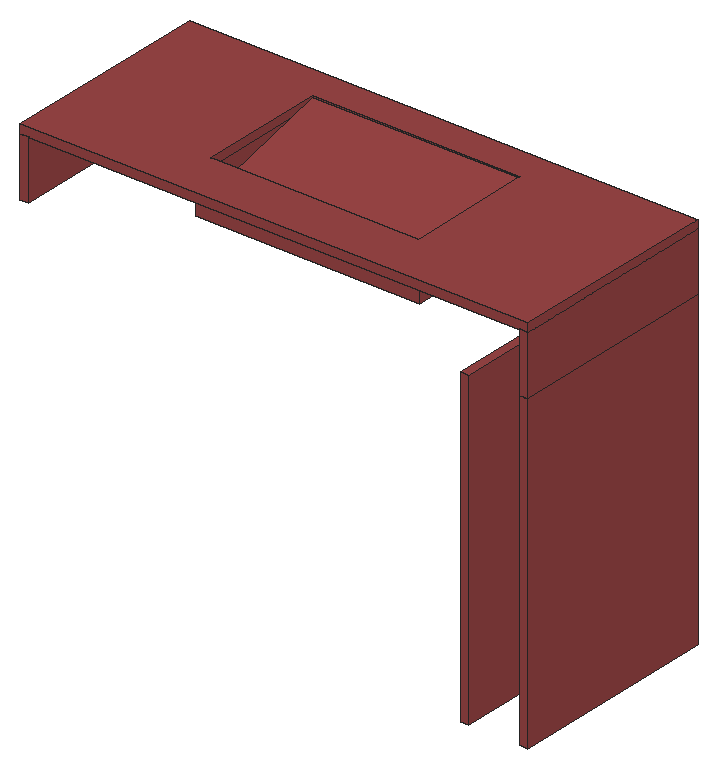
Revit family "Sanitary_Basins_Cosentino_Balance", category Plumbing Fixtures, host Wall, Revit 2020
Family settings
  Host = Wall
  Round Connector Dimension = Use Diameter
  Part Type = Normal
  Always vertical = Yes
  Cut with Voids When Loaded = No
  Shared = No
  Room Calculation Point = No
Parameters (values of type "Balance")
  Ι_Wdth Cntrl [instance] = if(Width < 500 mm, 500 mm, if(Width > 600 mm, 600 mm, Width))  # 500 mm
  Ι_Vd_Dstnc [instance] = if(Tap Hole, 20 mm, 40 mm)  # 40 mm
  Ι_Lngth Cntrl [instance] = if(Length < 1200 mm, 1200 mm, if(Length > 3000 mm, 3000 mm, Length))  # 1200 mm
  Ι_Ffst 2 [instance] = if(Front Offset < 50 mm, 50 mm, 80 mm)  # 80 mm
  Ι_Ffst [instance] = if((Side Offset < 120 mm), 120 mm, if(and((Side Offset > 2410 mm), (Ι_Lngth Cntrl - Side Offset) > (490 mm + 120 mm)), 2410 mm, if(and((Side Offset > 2410 mm), Side Offset > (Ι_Lngth Cntrl - 490 mm - 120 mm)), Ι_Lngth Cntrl - 490 mm - 120 mm, if(and((Ι_Lngth Cntrl - 120 mm - 490 mm) > 2410 mm, Side Offset > 2410 mm), 2410 mm, if(and((Ι_Lngth Cntrl - 2410 mm - 490 mm) > 120 mm, Side Offset > 120 mm), 120 mm, if((Ι_Lngth Cntrl - Side Offset) < (490 mm + 2 mm * 120), 120 mm, Side Offset))))))  # 355 mm
  Width [instance] = 500 mm
  Vent Connection = no
  URL = "www.cosentino.com"
  Tap Hole [instance] = no
  Side Offset [instance] = 355 mm
  Right Leg [instance] = no
  Product data url = "https://www.bimobject.com/cosentino/product/cosentino-balance"
  Product Material = Natural Stone - Cosentino - Silestone - Desert Silver - Suede N-Boost
  Product Guid = "68acc6d9-15cc-48be-a4c1-ee8dfe54102f"
  Model = "Balance"
  Manufacturer = "Cosentino"
  Length [instance] = 1200 mm
  Left Leg [instance] = yes
  Keynote = "10800"
  Height [instance] = 160 mm  # constant formula
  HW Connection = no
  Front Offset [instance] = 80 mm
  Edition number = 1
  Description = "The basin is one of the stars of your bathroom. Cosentino offers unique designs which fit smoothly into your room, your style, and the needs of your family.\r\n\r\nWhether it’s for a master bathroom or a downstairs WC, we have the perfect product to transform your bathroom into a warm, welcoming space."
  Default Elevation = 0 mm
  CW Connection = no
  Assembly Code = "D2010400"
Reference planes
  plane 1 "Wall": y = 0
  plane 2 "Center (Left/Right)": x = 125
  plane 3 "Back": y = 75
  plane 4: x = -475
  plane 5: x = 725
  plane 6 "Front": y = 575
  plane 7: x = -455
  plane 8: x = 705
  plane 9 "Top": z = 900
  plane 10: x = -120
  plane 11: x = 125
  plane 12: x = 370
  plane 13: x = -117.5
  plane 14: x = 367.5
  plane 15: y = 495
  plane 16: y = 555
  plane 17: y = 195
  plane 18: y = 345
  plane 19: z = 880
  plane 20: z = 800
  plane 21: z = 780
  plane 22 "Void": z = 860
  plane 23: z = 740
  plane 24 "Left leg": y = 1379.417
  plane 25 "Right leg": y = 1520
Forms (mm)
  Extrusion 1, solid, material "Natural Stone - Cosentino - Silestone - Desert Silver - Suede N-Boost" <- "Product Material", detail levels medium+fine
    sketch origin (0, 0, 900) x (1, 0, 0) y (0, 1, 0)
      loop
        line (-475, 575) -> (-475, 75) -> (725, 75) -> (725, 575) -> (-475, 575)
      loop
        line (-120, 195) -> (370, 195) -> (370, 495) -> (-120, 495) -> (-120, 195)
    from 0 to -20
  Extrusion 2, void
    sketch origin (0, 0, 900) x (1, 0, 0) y (0, 1, 0)
      loop
        circle (125, 135) r 15.875
    from -40 to -20
  Extrusion 3, solid, material "Natural Stone - Cosentino - Silestone - Desert Silver - Suede N-Boost" <- "Product Material", detail levels medium+fine
    sketch origin (0, 0, 900) x (1, 0, 0) y (0, 1, 0)
      loop
        line (-475, 575) -> (-475, 75) -> (-455, 75) -> (-455, 555) -> (705, 555) -> (705, 75) -> (725, 75) -> (725, 575) -> (-475, 575)
    from -20 to -160
  Extrusion 4, solid, not visible
    sketch origin (2359.306, 225, 780) x (1, 0, 0) y (0, 1, 0)
      loop
        circle (-2234.306, 120) r 1
    from 0 to 1
  Extrusion 5, solid, material "Natural Stone - Cosentino - Silestone - Desert Silver - Suede N-Boost" <- "Product Material", detail levels fine
    sketch origin (2359.306, 225, 780) x (1, 0, 0) y (0, 1, 0)
      loop
        line (-2499.306, -50) -> (-1969.306, -50) -> (-1969.306, 290) -> (-2499.306, 290) -> (-2499.306, -50)
    from 0 to 20
  Extrusion 6, solid, material "Natural Stone - Cosentino - Silestone - Desert Silver - Suede N-Boost" <- "Product Material", detail levels fine
    sketch origin (2359.306, 225, 780) x (1, 0, 0) y (0, 1, 0)
      loop
        line (-2499.306, 290) -> (-2499.306, -50) -> (-1969.306, -50) -> (-1969.306, 290) -> (-2499.306, 290)
      loop
        line (-1989.306, -30) -> (-1989.306, 270) -> (-2479.306, 270) -> (-2479.306, -30) -> (-1989.306, -30)
    from 20 to 100
  Revolve 7, void
    sketch origin (-920.737, 345, 1200) x (-1, 0, 0) y (0, 0, 1)
      loop
        line (-1045.737, -420) -> (-1045.737, -400) -> (-1077.237, -400) -> (-1077.237, -405) -> (-1067.237, -407) -> (-1067.237, -420) -> (-1045.737, -420)
      axis (-1045.737, -420) -> (-1045.737, -400)
    angle from 0 to 360
  Extrusion 8, solid, material "Natural Stone - Cosentino - Silestone - Desert Silver - Suede N-Boost" <- "Product Material", detail levels fine
    sketch origin (125, 0, 0) x (0, 1, 0) y (0, 0, 1)
      loop
        line (493.166, 885.861) -> (493.166, 898.2) -> (196.561, 827.171) -> (195, 824.812) -> (196.794, 815.993) -> (493.166, 885.861)
    from -242.5 to 242.5
  Extrusion 9, solid, material "Natural Stone - Cosentino - Silestone - Desert Silver - Suede N-Boost" <- "Product Material", detail levels fine
    sketch origin (125, 0, 0) x (0, 1, 0) y (0, 0, 1)
      loop
        line (453.175, 876.433) -> (453.175, 800) -> (473.185, 800) -> (473.185, 881.15) -> (453.175, 876.433)
      loop
        line (230.289, 823.889) -> (210.289, 819.174) -> (210.289, 800) -> (230.289, 800) -> (230.289, 823.889)
    from -242.5 to 242.5
  Extrusion 10, solid, material "Natural Stone - Cosentino - Silestone - Desert Silver - Suede N-Boost" <- "Product Material", detail levels coarse
    sketch origin (2359.306, 225, 780) x (1, 0, 0) y (0, 1, 0)
      loop
        line (-2834.306, 350) -> (-2834.306, -150) -> (-1634.306, -150) -> (-1634.306, 350) -> (-2834.306, 350)
    from -40 to 120
  Extrusion 11, solid, material "Natural Stone - Cosentino - Silestone - Desert Silver - Suede N-Boost" <- "Product Material", detail levels medium
    sketch origin (2359.306, 225, 780) x (1, 0, 0) y (0, 1, 0)
      loop
        line (-2499.306, 290) -> (-2499.306, -50) -> (-1969.306, -50) -> (-1969.306, 290) -> (-2499.306, 290)
    from 0 to 20
  Extrusion 12, solid, material "Natural Stone - Cosentino - Silestone - Desert Silver - Suede N-Boost" <- "Product Material", detail levels medium
    sketch origin (2359.306, 225, 800) x (1, 0, 0) y (0, 1, 0)
      loop
        line (-2499.306, 290) -> (-2499.306, -50) -> (-1969.306, -50) -> (-1969.306, 290) -> (-2499.306, 290)
      loop
        line (-1989.306, -30) -> (-1989.306, 270) -> (-2479.306, 270) -> (-2479.306, -30) -> (-1989.306, -30)
    from 0 to 80
  Extrusion 13, void
    sketch origin (2359.306, 225, 740) x (1, 0, 0) y (0, 1, 0)
      loop
        circle (-2234.306, 120) r 15.875
    from 0 to 60
  Extrusion 14, solid, material "Natural Stone - Cosentino - Silestone - Desert Silver - Suede N-Boost" <- "Product Material", visible <- "Left Leg", detail levels medium+fine
    sketch origin (2359.306, 225, 740) x (1, 0, 0) y (0, 1, 0)
      loop
        line (-1634.306, -150) -> (-1634.306, 350) -> (-1794.306, 350) -> (-1794.306, -150) -> (-1774.306, -150) -> (-1774.306, 330) -> (-1654.306, 330) -> (-1654.306, -150) -> (-1634.306, -150)
    from 0 to -740
  Extrusion 15, solid, material "Natural Stone - Cosentino - Silestone - Desert Silver - Suede N-Boost" <- "Product Material", visible <- "Right Leg", detail levels medium+fine
    sketch origin (2359.306, 225, 740) x (1, 0, 0) y (0, 1, 0)
      loop
        line (-2834.306, -150) -> (-2814.306, -150) -> (-2814.306, 330) -> (-2694.306, 330) -> (-2694.306, -150) -> (-2674.306, -150) -> (-2674.306, 350) -> (-2834.306, 350) -> (-2834.306, -150)
    from 0 to -740
  Extrusion 16, solid, material "Natural Stone - Cosentino - Silestone - Desert Silver - Suede N-Boost" <- "Product Material", visible <- "Right Leg", detail levels coarse
    sketch origin (2359.306, 225, 740) x (1, 0, 0) y (0, 1, 0)
      loop
        line (-2834.306, -150) -> (-2674.306, -150) -> (-2674.306, 350) -> (-2834.306, 350) -> (-2834.306, -150)
    from 0 to -740
  Extrusion 17, solid, material "Natural Stone - Cosentino - Silestone - Desert Silver - Suede N-Boost" <- "Product Material", visible <- "Left Leg", detail levels coarse
    sketch origin (2359.306, 225, 740) x (1, 0, 0) y (0, 1, 0)
      loop
        line (-1794.306, -150) -> (-1634.306, -150) -> (-1634.306, 350) -> (-1794.306, 350) -> (-1794.306, -150)
    from 0 to -740
Cuts and joins
  Extrusion 2 cuts Extrusion 1
  Revolve 7 cuts Extrusion 5
  Revolve 7 cuts Extrusion 6
  joined: Extrusion 5, Extrusion 6
  Extrusion 13 cuts Extrusion 10
Text (mm)
  text "Placement Side" at (-1848.837, 1116.779, 0), in view "Ref. Level"
  text "Placement side" at (0, 1409.804, 2854.306), in view "Left"
  text "Placement side" at (0, 499.811, 2980.732), in view "Right"
Dimensions and locks
  locked: plane 3 "Back" to host wall
  "Ι_Wdth Cntrl": plane 3 "Back" to plane 6 "Front"
  locked: plane 4 to plane 7 at 20
  locked: plane 8 to plane 5 at 20
  "Ι_Lngth Cntrl": plane 4 to plane 5
  equal spacing: plane 10, plane 11, plane 12
  locked: plane 10 to plane 12 at 490
  locked: plane 10 to plane 13 at 2.5
  locked: plane 14 to plane 12 at 2.5
  "Ι_Ffst 2": plane 6 "Front" to plane 15
  locked: plane 6 "Front" to plane 16 at 20
  equal spacing: plane 15, plane 18, plane 17
  locked: plane 15 to plane 17 at 300
  equal spacing: plane 3 "Back", Extrusion 2 sketch curve, plane 17
  locked: plane 19 to plane 9 "Top" at 20
  locked: plane 21 to plane 20 at 20
  locked: plane 21 to plane 9 "Top" at 120
  "Ι_Vd_Dstnc": plane 22 "Void" to plane 9 "Top"
  locked: plane 22 "Void" to Extrusion 2 at 20
  locked: plane 23 to plane 9 "Top" at 160
  "Ι_Ffst": plane 12 to plane 5
  equal spacing: plane 4, plane 2 "Center (Left/Right)", plane 5
  locked: Extrusion 5 sketch curve to plane 10 at 20
  locked: plane 12 to Extrusion 5 sketch curve at 20
  locked: Extrusion 5 sketch curve to plane 15 at 20
  locked: plane 17 to Extrusion 5 sketch curve at 20
  locked: plane 17 to Extrusion 6 sketch curve at 20
  locked: Extrusion 6 sketch curve to plane 15 at 20
  locked: Extrusion 6 sketch curve to plane 10 at 20
  locked: plane 12 to Extrusion 6 sketch curve at 20
  Revolve 7 sketch curve to Revolve 7 sketch curve to plane 11 = 10 mm locked, 21.5 mm locked
  plane 21 to Revolve 7 sketch curve to Revolve 7 sketch curve = 13 mm locked, 2 mm locked
  plane 15 to Extrusion 9 sketch curve to Extrusion 9 sketch curve = 21.815 mm locked, 20.01 mm locked
  Extrusion 9 sketch curve to Extrusion 9 sketch curve to plane 17 = 20 mm locked, 15.289 mm locked
  Extrusion 9 sketch curve to Extrusion 9 sketch curve to plane 20 = 4.717 mm locked, 76.433 mm locked
  Extrusion 9 sketch curve to Extrusion 9 sketch curve to plane 20 = 4.715 mm locked, 19.174 mm locked
  locked: Extrusion 11 sketch curve to plane 15 at 20
  locked: plane 17 to Extrusion 11 sketch curve at 20
  locked: Extrusion 11 sketch curve to plane 10 at 20
  locked: plane 12 to Extrusion 11 sketch curve at 20
  locked: plane 12 to Extrusion 12 sketch curve at 20
  locked: Extrusion 12 sketch curve to plane 10 at 20
  locked: plane 17 to Extrusion 12 sketch curve at 20
  locked: Extrusion 12 sketch curve to plane 15 at 20
  locked: Extrusion 14 sketch curve to plane 5 at 160
  locked: Extrusion 14 to plane 23 at 740
  plane 4 to Extrusion 15 sketch curve to Extrusion 15 sketch curve = 140 mm locked, 20 mm locked
  locked: Extrusion 15 to plane 23 at 740
  locked: plane 4 to Extrusion 16 sketch curve at 160
  locked: Extrusion 17 sketch curve to plane 5 at 160
  locked: Extrusion 17 to plane 23 at 740
  locked: Extrusion 16 to plane 23 at 740
  aligned and locked: plane 1 "Wall" to host wall
  aligned and locked: Extrusion 1 sketch curve to plane 3 "Back"
  aligned and locked: Extrusion 1 sketch curve to plane 6 "Front"
  aligned and locked: plane 5 to Extrusion 1 sketch curve
  aligned and locked: plane 4 to Extrusion 1 sketch curve
  aligned and locked: Extrusion 1 sketch curve to plane 17
  aligned and locked: Extrusion 1 sketch curve to plane 10
  aligned and locked: plane 15 to Extrusion 1 sketch curve
  aligned and locked: plane 12 to Extrusion 1 sketch curve
  aligned and locked: plane 11 to Extrusion 2 sketch curve
  aligned and locked: Extrusion 1 to plane 19
  aligned and locked: Extrusion 2 to plane 22 "Void"
  aligned and locked: plane 6 "Front" to Extrusion 3 sketch curve
  aligned and locked: Extrusion 3 sketch curve to plane 4
  aligned and locked: plane 7 to Extrusion 3 sketch curve
  aligned and locked: Extrusion 3 sketch curve to plane 16
  aligned and locked: Extrusion 3 sketch curve to plane 5
  aligned and locked: plane 8 to Extrusion 3 sketch curve
  aligned and locked: plane 3 "Back" to Extrusion 3 sketch curve  (x2)
  aligned and locked: plane 19 to Extrusion 3
  aligned and locked: Extrusion 3 to plane 23
  aligned and locked: plane 11 to Extrusion 4 sketch curve
  aligned and locked: plane 18 to Extrusion 4 sketch curve
  aligned and locked: plane 20 to Extrusion 5
  aligned and locked: plane 10 to Extrusion 6 sketch curve
  aligned and locked: Extrusion 6 sketch curve to plane 15
  aligned and locked: Extrusion 6 sketch curve to plane 12
  aligned and locked: plane 17 to Extrusion 6 sketch curve
  aligned and locked: plane 19 to Extrusion 6
  aligned and locked: Extrusion 6 to plane 20
  aligned and locked: Revolve 7 sketch curve to plane 11  (x2)
  aligned and locked: plane 21 to Revolve 7 sketch curve
  aligned and locked: plane 20 to Revolve 7 sketch curve
  aligned and locked: Extrusion 9 sketch curve to plane 20  (x2)
  aligned and locked: Extrusion 8 to plane 13
  aligned and locked: Extrusion 8 to plane 14
  aligned and locked: Extrusion 9 to plane 14
  aligned and locked: Extrusion 9 to plane 13
  aligned and locked: plane 5 to Extrusion 10 sketch curve
  aligned and locked: Extrusion 10 sketch curve to plane 3 "Back"
  aligned and locked: Extrusion 10 sketch curve to plane 6 "Front"
  aligned and locked: plane 4 to Extrusion 10 sketch curve
  aligned and locked: Extrusion 10 to plane 23
  aligned and locked: plane 9 "Top" to Extrusion 10
  aligned and locked: plane 20 to Extrusion 11
  aligned and locked: plane 10 to Extrusion 12 sketch curve
  aligned and locked: Extrusion 12 sketch curve to plane 15
  aligned and locked: Extrusion 12 sketch curve to plane 12
  aligned and locked: plane 17 to Extrusion 12 sketch curve
  aligned and locked: plane 19 to Extrusion 12
  aligned and locked: plane 11 to Extrusion 13 sketch curve
  aligned and locked: plane 18 to Extrusion 13 sketch curve
  aligned and locked: plane 3 "Back" to Extrusion 14 sketch curve  (x2)
  aligned and locked: Extrusion 14 sketch curve to plane 5
  aligned and locked: plane 8 to Extrusion 14 sketch curve
  aligned and locked: Extrusion 14 sketch curve to plane 16
  aligned and locked: Extrusion 15 sketch curve to plane 3 "Back"  (x2)
  aligned and locked: plane 4 to Extrusion 15 sketch curve
  aligned and locked: Extrusion 15 sketch curve to plane 7
  aligned and locked: Extrusion 15 sketch curve to plane 6 "Front"
  aligned and locked: plane 16 to Extrusion 15 sketch curve
  aligned and locked: Extrusion 16 sketch curve to plane 4
  aligned and locked: plane 6 "Front" to Extrusion 16 sketch curve
  aligned and locked: plane 3 "Back" to Extrusion 16 sketch curve
  aligned and locked: plane 6 "Front" to Extrusion 17 sketch curve
  aligned and locked: Extrusion 17 sketch curve to plane 5
  aligned and locked: plane 3 "Back" to Extrusion 17 sketch curve
  aligned and locked: plane 20 to Extrusion 13
  aligned and locked: Extrusion 13 to plane 23
Automatic sketch dimensions
  Revolve 7 sketch curve to plane 23 = 200 mm
  plane 9 "Top" to Revolve 7 sketch curve = 340 mm
  Extrusion 8 sketch curve to plane 17 = 0 mm
  plane 17 to Extrusion 8 sketch curve = 1.561 mm
  plane 17 to Extrusion 8 sketch curve = 1.794 mm
  Extrusion 8 sketch curve to plane 15 = 1.834 mm
  plane 20 to Extrusion 8 sketch curve = 15.993 mm
  Extrusion 8 sketch curve to Extrusion 8 sketch curve = 8.819 mm
  Extrusion 8 sketch curve to Extrusion 8 sketch curve = 2.358 mm
  plane 19 to Extrusion 8 sketch curve = 5.861 mm
  Extrusion 8 sketch curve to plane 9 "Top" = 1.8 mm
  Extrusion 14 sketch curve to plane 6 "Front" = 0 mm
  Extrusion 14 sketch curve to Extrusion 14 sketch curve = 20 mm
  radius of Extrusion 2 sketch curve = 15.875 mm
  radius of Extrusion 4 sketch curve = 1 mm
  radius of Extrusion 13 sketch curve = 15.875 mm
Connectors
  piping at (125, 345, 780), diameter 35
    settings: on Extrusion 4, index 1, connector inside diameter 609.6 mm, connector length 0 mm, flow factor 0, pipe flow 0.0 L/s, pressure drop 0.0 Pa, fitting loss kfactor 0, connector angle 0.00°, fixture units 0, engagement length 0 mm, angle of deflection 0.00°, flow configuration 3, flow direction 2, fitting loss method 0, system type 16, joint type 0, gender type 0, connector reference index -1, connector utility 0, adjustable connector no, is connector primary yes, connector description ""
